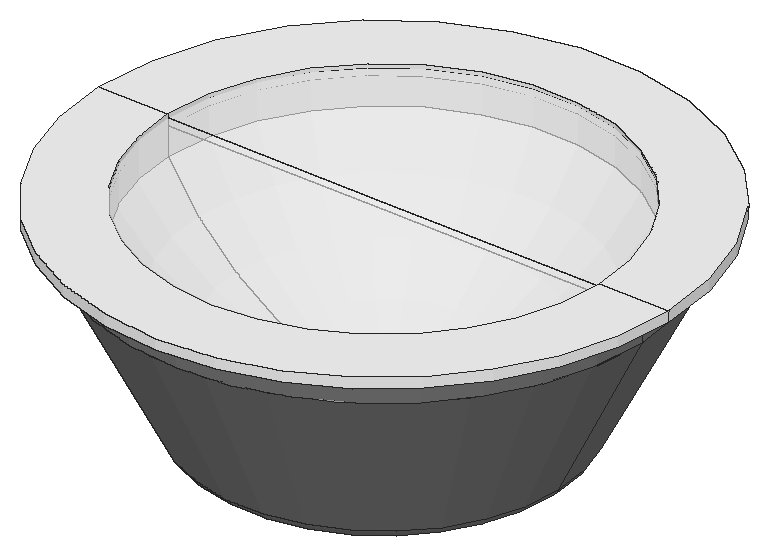
Revit family "30536", category Lighting Fixtures, host Face, Revit 2018
Family settings
  Host = Face
  Round Connector Dimension = Use Diameter
  Part Type = Normal
  OmniClass Number = 23.80.70.00
  OmniClass Title = Lighting
  Cut with Voids When Loaded = No
  Light Source = Yes
  Shared = No
  Room Calculation Point = No
Parameters (values of type "0030536 INSAVER SL U19 IP44 DALI 175 1650LM 830 ")
  WidthBezel_SYL = if(Size1_SYL, 20 mm, if(Size2_SYL, 20 mm, if(Size3PIR_SYL, 30 mm, if(Size4_SYL, 20 mm, 20 mm))))  # 20 mm
  Weight = "n/a"
  Wattage Comments = ""
  Wattage = 12 W
  WarrantyStartDate [instance] = "n/a"
  WarrantyGuarantorParts = "n/a"
  WarrantyDurationUnit = "n/a"
  WarrantyDurationParts = ""
  WarrantyDescription = "http://www.sylvania-lighting.com"
  built-in parameter 1150110 = 1 (stored number, unit not read)
  Voltage = 230 V
  VisibilityPIR_SYL = Size3PIR_SYL  # no
  URL = "0.97"
  TypeName = "Insaver Slim UGR19 IP44 DALI 175 1650lm 830"
  Type Image = <None>
  Type Comments = "n/a"
  built-in parameter 1114217 = 1 (stored number, unit not read)
  Tilt Angle = -90.00°
  built-in parameter 1150109 = 1 (stored number, unit not read)
  built-in parameter 1150134 = (empty or 0)
  built-in parameter 1150113 = 1 (stored number, unit not read)
  Size4_SYL = no
  Size3PIR_SYL = no
  Size2_SYL = no
  Size1_SYL = yes
  SerialNumber [instance] = "n/a"
  RadiusTop_SYL = 6 mm
  RadiusReflector_SYL = if(Size1_SYL, 85 mm, if(Size2_SYL, 85 mm, if(Size3PIR_SYL, 85 mm, if(Size4_SYL, 100 mm, 120 mm))))  # 85 mm
  Photometric Web File = "0030536.IES"
  Material_3_FEILO = Top-Sylvania-STARTDownlight
  PowerFactor = 0.9
  PowerConsumption = "Lighting"
  NominalLength = 165 mm
  NominalHeight = 50 mm
  NominalDepth = 165 mm
  Name = "Insaver Slim UGR19 IP44 DALI 175 1650lm 830"
  ModelReference = Name  # "Insaver Slim UGR19 IP44 DALI 175 1650lm 830"
  ModelNumber = "0030536"
  Model = Name  # "Insaver Slim UGR19 IP44 DALI 175 1650lm 830"
  Material = "Feilo Sylvania"
  ManufacturerName = "127 lm/W"
  Manufacturer = ""
  LuminousEfficacy = ""
  built-in parameter 1150105 = 31.446 (stored number, unit not read)
  Lumens = 395.16 lm
  LuminaireType = "0"
  built-in parameter 1150115 = 1 (stored number, unit not read)
  LightOutputRatio = "LED"
  built-in parameter 1150137 = (empty or 0)
  built-in parameter 1150139 = (empty or 0)
  LampsType = Lamp  # "n/a"
  LampNominalLuminous = "3000 K"
  LampMacAdamStep = "80"
  LampColourTemperature = "LED"
  LampColourRenderingIndex = "16500"
  built-in parameter 1150112 = 1 (stored number, unit not read)
  built-in parameter 1150114 = 1 (stored number, unit not read)
  Lamp = "n/a"
  Keynote = "n/a"
  InstallationDate [instance] = "n/a"
  InputVoltage = "0"
  InputNominalFrequency = "3000"
  built-in parameter 1150132 = (empty or 0)
  built-in parameter 1150102 = (empty or 0)
  built-in parameter 1150107 = 3000 (stored number, unit not read)
  built-in parameter 1150138 = (empty or 0)
  IngressProtection = "IfcLightFixtureType"
  ImpactProtectionIndex = "IfcLightFixtureType"
  built-in parameter 1150106 = 0.31446 (stored number, unit not read)
  IfcExportType = "IfcLightFixtureType"
  IfcExportAs = "Class II"
  Height_SYL = if(Size1_SYL, 61 mm, if(Size2_SYL, 61 mm, if(Size3PIR_SYL, 61 mm, if(Size4_SYL, 61 mm, 60 mm))))  # 61 mm
  HeightBezel_SYL = if(Size1_SYL, 3 mm, if(Size2_SYL, 3 mm, if(Size3PIR_SYL, 3 mm, if(Size4_SYL, 3.2 mm, 3 mm))))  # 3 mm
  ExpectedLife = 50000
  Emit from Circle Diameter = Diameter_SYL - 40 mm  # 125 mm
  Emit Shape Visible in Rendering = no
  ElectricShockClassification = "127"
  built-in parameter 1150104 = 3.0593 (stored number, unit not read)
  DurationUnit = "hours"
  DocumentationLiterature = "http://www.sylvania-lighting.com/product/en-int/products/0030536"
  DimmingControlOptions = "n/a"
  Material_2_FEILO = Diffuser-Sylvania-STARTDownlight
  Dimming Lamp Color Temperature Shift = <None>
  Diameter_SYL = if(Size1_SYL, 165 mm, if(Size2_SYL, 190 mm, if(Size3PIR_SYL, 211 mm, if(Size4_SYL, 220 mm, 240 mm))))  # 165 mm
  DiameterTop_SYL = if(Size1_SYL, 98 mm, if(Size2_SYL, 122 mm, if(Size3PIR_SYL, 120 mm, if(Size4_SYL, 135 mm, 158 mm))))  # 98 mm
  DiameterTopBase_SYL = DiameterRecess_SYL  # 150 mm
  DiameterRecess_SYL = if(Size1_SYL, 150 mm, if(Size2_SYL, 170 mm, if(Size3PIR_SYL, 186 mm, if(Size4_SYL, 200 mm, 225 mm))))  # 150 mm
  Description = "Insaver Slim is a ceiling recessed LED downlight (IP44 from the front),Die-cast aluminium body, loop in loop out connector for quick installation, Dimmable DALI driver of TRIDONIC (LCA 17W 250–700mA one4all SR PRE 28000670), 13W; 1650lm; 127lm/W; 3000K; UGR <19 with shallow product depth 60mm. Meets TP(a) requirements."
  Default Elevation = 1219.2 mm
  CreatedOn = "05/03/2024"
  CreatedBy = "@sylvania-lighting.com"
  Cost = 0
  Color Filter = 16777215
  built-in parameter 1114216 [instance] = (empty or 0)
  ClassificationValue = "EF_70_80"
  ClassificationName = "Uniclass2015"
  Material_1_FEILO = Trim-Sylvania-STARTDownlight-White
  BarCode [instance] = "n/a"
  built-in parameter 1114218 = 1 (stored number, unit not read)
  built-in parameter 1150133 = 10 (stored number, unit not read)
  AssetType = "Fixed"
  AssetIdentifier [instance] = "n/a"
  Assembly Code = "D5020200"
  Apparent Load = 13 VA
  Material_4_FEILO = LED-Sylvania-STARTDownlight
Reference planes
  plane 1 "Center (Front/Back)": y = 0
  plane 2: z = 0
  plane 3 "Center (Left/Right)": x = 0
  plane 4: x = 82.5
  plane 5: x = -82.5
  plane 6: z = 3
  plane 7: z = -8
  plane 8: z = -58
  plane 9: x = -75
  plane 10: x = 75
  plane 11: x = -49
  plane 12: x = 49
  plane 13: z = -85
  plane 14: x = -62.5
  plane 15: z = 2
  plane 16: z = -46
  plane 17: x = -16
  plane 18: x = -67.5
  plane 19: x = -81.5
  plane 20: x = -99.5
  plane 21: x = -76.5
  plane 22: z = 5.5
  plane 23: z = 8.7
  plane 24: x = -75.5
  plane 25: z = 13.7
Forms (mm)
  Revolve 1, void
    sketch origin (0, 0, 0) x (1, 0, 0) y (0, 0, 1)
      loop
        line (0, 0) -> (-75, 0) -> (-75, -85) -> (0, -85) -> (0, 0)
      axis (0, 0) -> (0, -85)
    angle from 360 to 0
  Revolve 2, solid, material "Trim-Sylvania-STARTDownlight-White" <- "Material_1_FEILO"
    sketch origin (0, 0, 0) x (1, 0, 0) y (0, 0, 1)
      loop
        line (-62.5, 3) -> (-82.5, 3) -> (-82.5, 0) -> (-75, 0) -> (-75, -8) -> (-50.681, -54.768)
        arc (-50.681, -54.768) -> (-48.471, -57.129) -> (-45.357, -58) r 6
        line (-45.357, -58) -> (0, -58) -> (0, -46) -> (-16, -46)
        arc (-16, -46) -> (-42.718, -31.243) -> (-62.5, -8) r 85
        line (-62.5, -8) -> (-62.5, 3)
      axis (0, 3) -> (0, -58)
    angle from 360 to 0
  Revolve 3, solid, material "Diffuser-Sylvania-STARTDownlight" <- "Material_2_FEILO"
    sketch origin (0, 0, 0) x (1, 0, 0) y (0, 0, 1)
      loop
        line (-62.5, 0) -> (0, 0) -> (0, 2) -> (-62.5, 2) -> (-62.5, 0)
      axis (0, 2) -> (0, 0)
    angle from 360 to 0
  Revolve 4, solid, material "Trim-Sylvania-STARTDownlight-White" <- "Material_1_FEILO", visible <- "VisibilityPIR_SYL"
    sketch origin (0, 0, 0) x (1, 0, 0) y (0, 0, 1)
      loop
        line (-67.5, 3) -> (-67.5, 13.7)
        arc (-67.5, 13.7) -> (-72.217, 12.347) -> (-75.5, 8.7) r 8.9
        line (-75.5, 8.7) -> (-75.5, 5.5) -> (-76.5, 5.5) -> (-76.5, 3) -> (-67.5, 3)
      axis (-67.5, 13.7) -> (-67.5, 3)
    angle from 360 to 0
Dimensions and locks
  equal spacing: plane 4, plane 3 "Center (Left/Right)", plane 5
  "Diameter_SYL": plane 4 to plane 5
  equal spacing: plane 10, plane 3 "Center (Left/Right)", plane 9
  equal spacing: plane 12, plane 3 "Center (Left/Right)", plane 11
  "DiameterTop_SYL": plane 12 to plane 11
  "HeightBezel_SYL": plane 6 to plane 2
  "Height_SYL": plane 6 to plane 8
  locked: plane 2 to plane 7 at 8
  locked: plane 2 to plane 13 at 85
  "WidthBezel_SYL": plane 14 to plane 5
  locked: plane 6 to plane 15 at 1
  "DiameterRecess_SYL": plane 10 to plane 9
  locked: plane 3 "Center (Left/Right)" to plane 17 at 16
  locked: plane 16 to plane 8 at 12
  locked: plane 18 to plane 21 at 9
  locked: plane 22 to plane 6 at 2.5
  locked: plane 23 to plane 22 at 3.2
  locked: plane 18 to plane 24 at 8
  locked: plane 25 to plane 23 at 5
  locked: plane 25 to Revolve 4 sketch curve at 8.9
  locked: plane 18 to plane 5 at 15
  "RadiusReflector_SYL": radius of Revolve 2 sketch curve
  "RadiusTop_SYL": radius of Revolve 2 sketch curve
  aligned and locked: plane 2 to host face
  aligned and locked: level to host face
  aligned and locked: Revolve 1 sketch curve to plane 3 "Center (Left/Right)"
  aligned and locked: plane 3 "Center (Left/Right)" to Revolve 1 sketch curve
  aligned and locked: Revolve 1 sketch curve to plane 9
  aligned and locked: plane 13 to Revolve 1 sketch curve
  aligned and locked: plane 3 "Center (Left/Right)" to imposter light
  aligned and locked: imposter light to plane 15
  aligned and locked: imposter light to plane 1 "Center (Front/Back)"
  aligned and locked: Revolve 2 sketch curve to plane 3 "Center (Left/Right)"
  aligned and locked: Revolve 2 sketch curve to plane 6
  aligned and locked: Revolve 2 sketch curve to plane 5
  aligned and locked: Revolve 2 sketch curve to level
  aligned and locked: plane 7 to Revolve 2 sketch curve  (x2)
  aligned and locked: Revolve 2 sketch curve to plane 9
  aligned and locked: plane 8 to Revolve 2 sketch curve
  aligned and locked: Revolve 2 sketch curve to plane 14
  aligned and locked: plane 3 "Center (Left/Right)" to Revolve 2 sketch curve
  aligned and locked: Revolve 2 sketch curve to plane 16
  aligned and locked: Revolve 3 sketch curve to plane 3 "Center (Left/Right)"
  aligned and locked: Revolve 3 sketch curve to level
  aligned and locked: imposter light to Revolve 3 sketch curve  (x2)
  aligned and locked: Revolve 4 sketch curve to plane 18  (x2)
  aligned and locked: Revolve 4 sketch curve to plane 6
  aligned and locked: plane 22 to Revolve 4 sketch curve
  aligned and locked: plane 24 to Revolve 4 sketch curve
  aligned and locked: Revolve 4 sketch curve to Revolve 4 sketch curve
  aligned and locked: plane 21 to Revolve 4 sketch curve
Automatic sketch dimensions
  host sketch curve to host sketch curve = 2438.4 mm  (x2)
  plane 13 to Revolve 1 sketch curve = 524.6 mm
  Revolve 1 sketch curve to plane 6 = 2606.058 mm
  Revolve 1 sketch curve to level = 0 mm
  Revolve 2 sketch curve to plane 17 = 0 mm
  Revolve 2 sketch curve to plane 11 = 1.681 mm
  plane 11 to Revolve 2 sketch curve = 3.643 mm
  plane 13 to Revolve 2 sketch curve = 524.6 mm
  Revolve 2 sketch curve to Revolve 2 sketch curve = 2577.983 mm
  Revolve 3 sketch curve to plane 14 = 0 mm
  plane 13 to Revolve 3 sketch curve = 524.6 mm
  Revolve 3 sketch curve to plane 6 = 2606.058 mm
  Revolve 4 sketch curve to plane 23 = 0 mm
  plane 13 to Revolve 4 sketch curve = 524.6 mm
  Revolve 4 sketch curve to Revolve 4 sketch curve = 2595.358 mm
Connectors
  electrical at (0, 0, 0), driven by "Apparent Load", driven by "PowerFactor", driven by "Voltage"
    settings: index 1, voltage 230 V, apparent load 13 VA, apparent load phase1 0 VA, apparent load phase2 0 VA, apparent load phase3 0 VA, power factor 0.9, load classification "Lighting", number of poles 1, system type 30, power factor state 1, is connector primary yes, connector utility no, sub classification motor no, connector description ""
